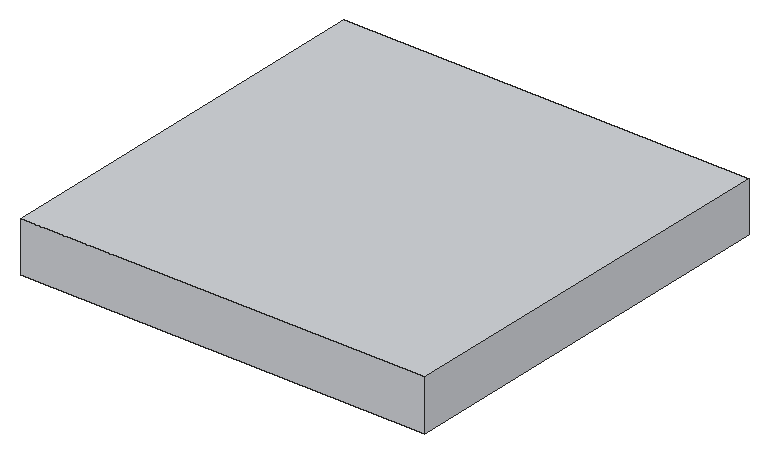
Revit family "034960", category Sanitärinstallationen, Revit 2014
Parameters
  Default Elevation = 1219.2 mm
  URL = "http://www.duravit.de"
  Produktseite / Product URL = "http://pro.duravit.com/034960"
  Modellbezeichnung / Model Descrption = "Aufsatzbecken 600mm DuraStyle Weiss / Washbowl 60 cm DuraStyle white"
  Modell = "034960"
  Material Keramik = Duravit Keramik
  Material Chrom = Stahl, verchromt
  Lüftungsverbindung = no
  LEED Credit = 0
  KW-Verbindung = no
  Hersteller = "Duravit"
  HW-Verbindung = no
  Familie von / Family made by = "http://www.bytesandbuilding.de"
  E-Mail Kontakt = "architects@duravit.com"
  Behindertengerecht / ADA Compliant = yes
  Baugruppenkennzeichen = "D2010420"
  Abwasserrohrverbindung = no
Reference planes
  plane 1 "Mitte (Vorne/Hinten)": y = 0
  plane 2: z = 0
  plane 3 "Mitte (Links/Rechts)": x = 0
Forms (mm)
  Extrusion 1, solid
    sketch origin (0, 0, 0) x (1, 0, 0) y (0, 1, 0)
      loop
        line (-1219.2, 1219.2) -> (-1219.2, -1219.2) -> (1219.2, -1219.2) -> (1219.2, 1219.2) -> (-1219.2, 1219.2)
    from 0 to -304.8
Dimensions and locks
  aligned and locked: plane 2 to Extrusion 1
  aligned and locked: level to Extrusion 1
Nested families
  nested 1: "034960_" at (0, 0, 122), Material Keramik <- "Material Keramik", Material Chrom <- "Material Chrom", type "034960_"
    with Mischbatterie yes, Material Keramik Duravit Keramik, Material Chrom Stahl, verchromt
Definition of nested family "034960_"
  Parameters (values of type "034960_")
    Mischbatterie [instance] = yes
    Material Keramik [instance] = Duravit Keramik
    Material Chrom [instance] = Stahl, verchromt
  Reference planes
    plane 1 "Mitte (Vorne/Hinten)": y = 0
    plane 2: z = 0
    plane 3 "Mitte (Links/Rechts)": x = 0
  Dimensions and locks
    aligned and locked: level to plane 2
